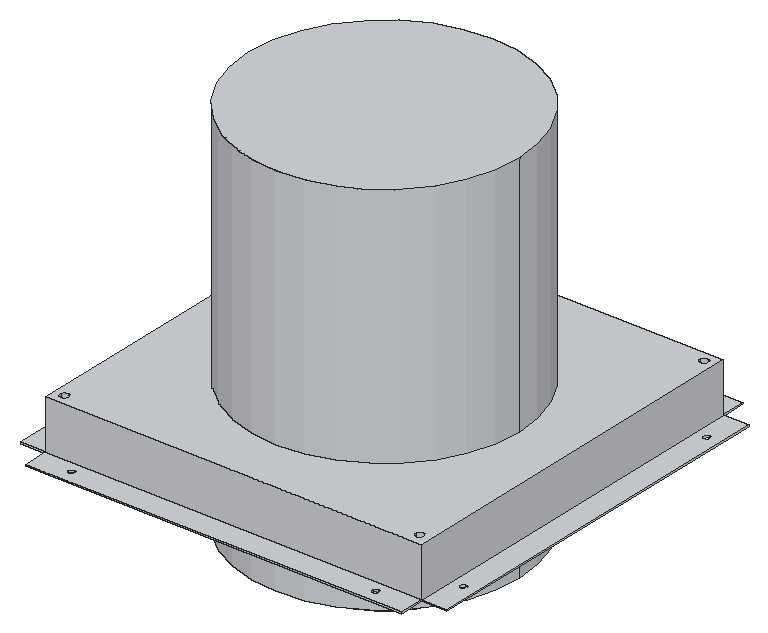
Revit family "PTO4F", category Generic Models, host Face, Revit 2019
Family settings
  Host = Face
  Can host rebar = No
  Round Connector Dimension = Use Diameter
  Part Type = Normal
  Cut with Voids When Loaded = No
  Shared = No
  Room Calculation Point = No
Parameters
  Default Elevation = 48.00"
Reference planes (in)
  plane 1 "Center (Front/Back)": y = 0
  plane 2: z = 0
  plane 3 "Center (Left/Right)": x = 0
Forms (in)
  Extrusion 1, solid
    sketch origin (0, 0, 0) x (1, 0, 0) y (0, 1, 0)
      loop
        line (-5.5625, 5.5625) -> (-5.5625, -5.5625) -> (5.5625, -5.5625) -> (5.5625, 5.5625) -> (-5.5625, 5.5625)
      loop
        circle (5.25, 5.25) r 0.125
      loop
        circle (-5.25, 5.25) r 0.125
      loop
        circle (-5.25, -5.25) r 0.125
      loop
        circle (5.25, -5.25) r 0.125
    from 0 to 1.5
  Extrusion 2, solid
    sketch origin (0, 0, 0) x (1, 0, 0) y (0, 1, 0)
      loop
        circle (0, 0) r 4
    from 1.5 to 8.75
  Extrusion 3, solid
    sketch origin (0, 0, 0) x (1, 0, 0) y (0, 1, 0)
      loop
        circle (0, 0) r 4
    from 0 to -2.38
  Extrusion 4, solid
    sketch origin (0, 0, 0) x (1, 0, 0) y (0, 1, 0)
      loop
        circle (0, 0) r 2.5
    from -2.38 to -3.25
  Extrusion 5, solid
    sketch origin (0, 0, 0) x (1, 0, 0) y (0, 1, 0)
      loop
        line (-5.5625, 6.3125) -> (-5.5625, 5.5625) -> (5.5625, 5.5625) -> (5.5625, 6.3125) -> (-5.5625, 6.3125)
      loop
        line (-5.5625, -5.5625) -> (-5.5625, -6.3125) -> (5.5625, -6.3125) -> (5.5625, -5.5625) -> (-5.5625, -5.5625)
      loop
        circle (-4.5, -5.9375) r 0.09375
      loop
        circle (4.5, -5.9375) r 0.09375
      loop
        circle (-4.5, 5.9375) r 0.09375
      loop
        circle (4.5, 5.9375) r 0.09375
    from 0 to 0.04
  Extrusion 6, solid
    sketch origin (0, 0, 0) x (0, -1, 0) y (1, 0, 0)
      loop
        line (-5.5625, -6.3125) -> (5.5625, -6.3125) -> (5.5625, -5.5625) -> (-5.5625, -5.5625) -> (-5.5625, -6.3125)
      loop
        line (-5.5625, 5.5625) -> (5.5625, 5.5625) -> (5.5625, 6.3125) -> (-5.5625, 6.3125) -> (-5.5625, 5.5625)
      loop
        circle (-4.5, 5.9375) r 0.09375
      loop
        circle (4.5, 5.9375) r 0.09375
      loop
        circle (-4.5, -5.9375) r 0.09375
      loop
        circle (4.5, -5.9375) r 0.09375
    from 0 to 0.04
Dimensions and locks (in)
  aligned and locked: plane 2 to host face
  aligned and locked: level to host face
Connectors (in)
  hvac at (0, 0, -3.25)
    settings: on Extrusion 4, index 1, duct flow 0 CFM, flow factor 0, pres drop 0.00 in-wg, loss coef 0, conn angle 0.00°, conn width 12", conn height 12", conn diameter 5", duct sys type 1, conn prof type 0, flow config 0, flow direction 0, loss method 0, conn ref index -1, conn util no, is conn primary yes, conn desc ""
